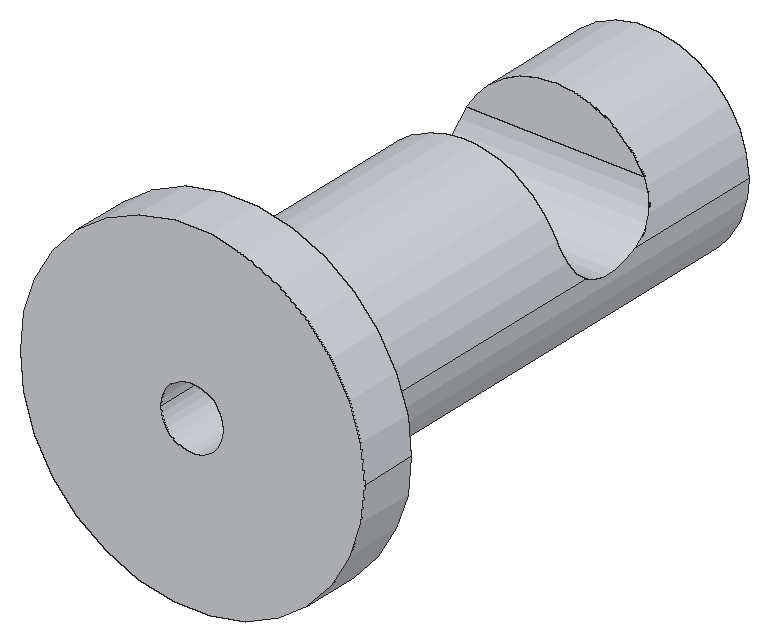
Revit family "AX8213_0010", category Appareils sanitaires, Revit 2016
Family settings
  Hôte = Mur
  Type d'élément = Normal
  Cote de connecteur circulaire = Utiliser le diamètre
  Toujours verticalement = Oui
  Couper avec des vides une fois chargée = Non
  Partagée = Non
  Point de calcul de pièce = Non
Parameters (values of type "Type 1")
  URL = "http://www.axeuro.com/fr/pateres-et-porte-manteaux/24615-patere-ax8213.html?search_query=ax8213&results=1"
  Type de produit / Type of product = "Patère / Hook"  # constant formula
  Référence / Reference = "AX8213"  # constant formula
  Model = ""
  Manufacturer = ""
  Entreprise / Company = "Axeuro"  # constant formula
  Description = ""
Reference planes
  plane 1 "Mur": y = 0
  plane 2 "Centre (gauche/droite)": x = 125
  plane 3 "Arrière": y = 75
Forms (mm)
  Extrusion 1, solid
    sketch origin (0, 0, 580.704) x (1, 0, 0) y (0, 0, 1)
      loop
        circle (125, 1104.296) r 15
    from -80.099 to -75
  Extrusion 2, solid
    sketch origin (0, 0, 580.704) x (1, 0, 0) y (0, 0, 1)
      loop
        circle (125, 1104.296) r 8.8
    from -124.599 to -80.099
  Extrusion 3, void
    sketch origin (125, -0.991, 580.704) x (0, 1, 0) y (0, 0, 1)
      loop
        line (105.59, 1113.096) -> (105.59, 1108.471)
        arc (105.59, 1108.471) -> (110.59, 1103.471) -> (115.59, 1108.471) r 5
        line (115.59, 1108.471) -> (115.59, 1113.096) -> (105.59, 1113.096)
    from -11.698 to 11.996
  Extrusion 4, void
    sketch origin (0, 0, 0) x (1, 0, 0) y (0, 0, 1)
      loop
        circle (125, 1685) r 2.75
    from -89.648 to -75
Cuts and joins
  Extrusion 3, Extrusion 4 cuts Extrusion 2
  Extrusion 4 cuts Extrusion 1
Text (mm)
  text "Côté de la mise en place" at (-1848.837, 1116.779, 0), in view "Niveau de réf."
  text "Côté de la mise en place" at (0, 1409.804, 2854.306), in view "Gauche"
  text "Côté de la mise en place" at (0, 499.811, 2980.732), in view "Droite"
Dimensions and locks
  locked: plane 3 "Arrière" to host wall
  aligned and locked: plane 1 "Mur" to host wall
